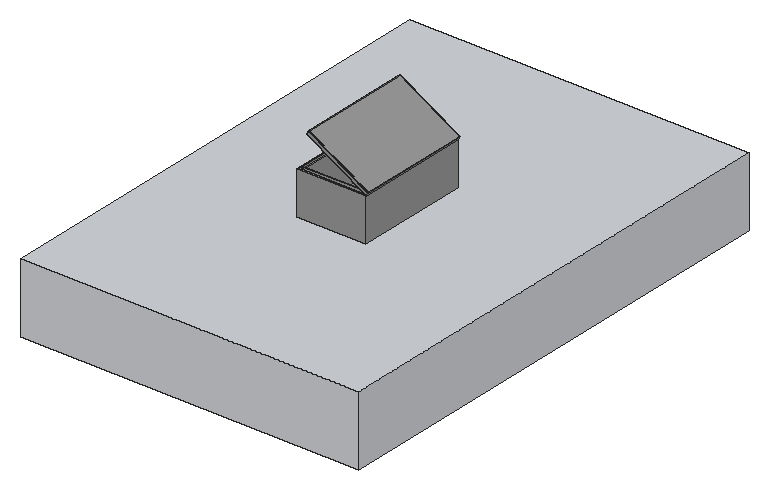
Revit family "Hager-Univers-IP44-D205-Cl.I-enclosure_metering-CH-en", category Equipement électrique, Revit 2020
Family settings
  Hôte = Face
  Configuration du panneau = Deux colonnes, circuits au sein
  Cote de connecteur circulaire = Utiliser le diamètre
  Type d'élément = Tableau de raccordement
  Couper avec des vides une fois chargée = Non
  Partagée = Non
  Point de calcul de pièce = Non
Parameters (values of type "Surface mounted (plaster) IP44 W300 H500 D205  - ZB011T")
  Width Control [instance] = if([EF000008 - Width] > Min Width, [EF000008 - Width], Min Width)  # 300 mm
  Commentaires du type = [HG000003 - Range]  # "Univers"
  Thickness Door [instance] = if([EF009171 - Material plate thickness door/cover] > 3 mm, 3 mm, [EF009171 - Material plate thickness door/cover])  # 1 mm
  Seal Frame Offset [instance] = 17 mm  # constant formula
  Plinth Visibility [instance] = [HG000027 - Plinth height] > 0 mm  # no
  Model = ""
  Min Width [instance] = 100 mm  # constant formula
  Min Height [instance] = 100 mm  # constant formula
  Min Depth [instance] = (2 * [EF009170 - Material plate thickness cabinet]) + 1 mm  # 3 mm
  Internal Frame Depth [instance] = (Door System Depth * 0.5)  # 9 mm
  Height Control [instance] = if([EF000040 - Height] > Min Height, [EF000040 - Height], Min Height)  # 500 mm
  HG000027 - Plinth height = 0 mm
  HG000026 - Floor standing = no
  HG000024 - Bottom section height = 800 mm
  HG000023 - Double section enclosure = no
  HG000016 - Door 3d visibility [instance] = yes
  HG000015 - Clearance visibility [instance] = no
  HG000014 - Door on the right [instance] = yes
  HG000013 - Door on the left [instance] = not([HG000014 - Door on the right])  # no
  HG000012 - Door swing angle [instance] = 30.00°
  HG000010 - Asymmetric doors = no
  HG000009 - Double swing door = no
  HG000006 - Flush mounted = no
  HG000004 - Manufacturer reference = "ZB011T"
  HG000003 - Range = "Univers"
  HG000002 - With door or cover = yes
  Frame Offset Bottom [instance] = 10 mm  # constant formula
  Frame Offset [instance] = 15 mm  # constant formula
  EF015940 - Cover with overpressure release = no
  EF011959 - Degree of protection (NEMA) = ""
  EF009554 - Number of openings for flange plates = 0
  EF009212 - Cover model = "EV000116 - Closed"
  EF009171 - Material plate thickness door/cover = 1 mm
  EF009170 - Material plate thickness cabinet = 1 mm
  Fabricant = "Hager"  # constant formula
  EF008873 - Nominal current (In) = 250 A
  EF007800 - Suitable for lightning protection = no
  EF006306 - With lock = no
  EF006244 - Transparent cover/door = no
  EF005474 - Degree of protection (IP) = "EV006418 - IP44"
  EF004464 - Type of door = "EV002646 - Single"
  EF004427 - Number of modules = 48
  EF004293 - Impact strength = "EV006815 - IK09"
  EF003532 - Suitable for outdoor use = no
  EF002950 - Width in number of modular spacings = 0
  EF001613 - Circuit integrity = "EV000494 - None"
  EF001596 - Material housing = "EV000179 - Steel"
  EF001131 - Internal depth = 0 mm
  EF001088 - Extension possible = yes
  EF000437 - Number of conduit inlets = 0
  EF000339 - Type of cover = "EV004216 - Door"
  EF000266 - Number of rows = 4
  EF000218 - Built-in depth = 0 mm
  EF000118 - With mounting plate = no
  EF000116 - RAL-number = "9010"
  EF000049 - Depth = 205 mm
  EF000040 - Height = 500 mm
  EF000008 - Width = 300 mm
  EF000007 - Colour = "EV000202 - White"
  EF000003 - Mounting method = "EV000384 - Surface mounted (plaster)"
  Door System Leaf Tolerance [instance] = 1.5 mm  # constant formula
  Door System Depth [instance] = 18 mm  # constant formula
  Door Height [instance] = Height Control - [HG000027 - Plinth height]  # 500 mm
  Depth Control [instance] = if([EF000049 - Depth] > Min Depth, [EF000049 - Depth], Min Depth)  # 205 mm
  Default Elevation = 0 mm
  Connector Offset [instance] = Height Control / 2  # 250 mm
  Bottom Top Plate Trim [instance] = 1.5 mm  # constant formula
  Plinth height Ctrl [instance] = if([HG000027 - Plinth height] > 0 mm, [HG000027 - Plinth height], 12 mm)  # 12 mm
Types (3, lengths in mm): name | Width Control | HG000004 - Manufacturer reference | EF004464 - Type of door | EF004427 - Number of modules | EF000266 - Number of rows | EF000008 - Width
  Surface mounted (plaster) IP44 W1050 H500 D205  - ZB014T | 1050 | "ZB014T" | "EV003602 - Double" | 144 | 0 | 1050
  Surface mounted (plaster) IP44 W1300 H500 D205  - ZB015T | 1300 | "ZB015T" | "EV003602 - Double" | 180 | 0 | 1300
  Surface mounted (plaster) IP44 W300 H500 D205  - ZB011T | 300 | "ZB011T" | "EV002646 - Single" | 48 | 4 | 300
Reference planes
  plane 1 "Center (Front/Back)": y = 0
  plane 2: z = 0
  plane 3 "Center (Left/Right)": x = 0
  plane 4: z = 205
  plane 5: y = 1
  plane 6: y = 250
  plane 7: y = 0
  plane 8: y = 500
  plane 9: z = 0
  plane 10: x = -135
  plane 11: x = 135
  plane 12: x = 134
  plane 13: x = -134
  plane 14: y = 499
  plane 15: x = -133
  plane 16: x = -150
  plane 17: x = 133
  plane 18: x = 150
  plane 19: x = 149
  plane 20: x = -149
  plane 21: y = 11
  plane 22: y = 500
  plane 23: y = 484
  plane 24: z = 187
  plane 25: z = 1
  plane 26: z = 186
  plane 27: z = 204
Forms (mm)
  Extrusion 1, solid
    sketch origin (0, 0, 0) x (1, 0, 0) y (0, 1, 0)
      loop
        line (-702.964, 1305) -> (-702.964, -811.445) -> (766.763, -811.445) -> (766.763, 1305) -> (-702.964, 1305)
    from 0 to -304.8
  Extrusion 2, solid, material "Hager_Steel_RAL7035_Light_Grey", visible <- "Plinth Visibility", detail levels medium+fine
    sketch origin (0, 0, 0) x (1, 0, 0) y (0, 1, 0)
      loop
        line (-150, 0) -> (150, 0) -> (150, 12) -> (-150, 12) -> (-150, 0)
    from 0 to 187
  Extrusion 3, solid, material "Hager_Steel_RAL7035_Light_Grey", detail levels medium+fine
    sketch origin (0, 0, 0) x (1, 0, 0) y (0, 1, 0)
      loop
        line (-150, 0) -> (150, 0) -> (150, 500) -> (-150, 500) -> (-150, 0)
    from 0 to 187
  Extrusion 4, void
    sketch origin (0, 0, 0) x (1, 0, 0) y (0, 1, 0)
      loop
        line (-149, 1) -> (149, 1) -> (149, 499) -> (-149, 499) -> (-149, 1)
    from 1 to 186
  Extrusion 5, void
    sketch origin (-381.607, -4572, 187) x (0, -1, 0) y (-1, 0, 0)
      loop
        line (-4583, -247.607) -> (-5056, -247.607) -> (-5056, -515.607) -> (-4583, -515.607) -> (-4583, -247.607)
    from 0 to 1 <- "EF009170 - Material plate thickness cabinet"
  Extrusion 6, solid, material "Hager_Steel_RAL7035_Light_Grey", detail levels fine
    sketch origin (0, 0, 187) x (1, 0, 0) y (0, 1, 0)
      loop
        line (-134, 484) -> (-134, 11) -> (134, 11) -> (134, 484) -> (-134, 484)
      loop
        line (-135, 10) -> (135, 10) -> (135, 485) -> (-135, 485) -> (-135, 10)
    from 0 to 9 <- "Internal Frame Depth"
  Extrusion 7, solid, material "Hager_Steel_RAL7035_Light_Grey", detail levels coarse
    sketch origin (0, 0, 0) x (1, 0, 0) y (0, 1, 0)
      loop
        line (-150, 0) -> (150, 0) -> (150, 500) -> (-150, 500) -> (-150, 0)
    from 0 to 205
  Sweep 8, void
    path in 3D
      loop
        line (-150, 12, 0) -> (150, 12, 0) -> (150, 12, 187) -> (-150, 12, 187) -> (-150, 12, 0)
    profile origin (-150, 12, 93.5) x (-1, 0, 0) y (0, -1, 0)
      loop
        line (0, 0) -> (0, 1.5) -> (-1.5, 1.5)
        arc (-1.5, 1.5) -> (-1.061, 0.439) -> (0, 0) r 1.5
Cuts and joins
  Extrusion 4, Extrusion 5 cuts Extrusion 3
  Sweep 8 cuts Extrusion 2
Lines and regions (mm)
  Masking region 1
    outline origin (0, 0, 0) x (1, 0, 0) y (0, 0, 1)
      loop
        line (-150, 205) -> (-150, 0) -> (150, 0) -> (150, 205) -> (-150, 205)
  Masking region 2, detail levels medium+fine
    outline origin (0, 140, 0) x (0, 1, 0) y (0, 0, 1)
      loop
        line (-140, 0) -> (360, 0) -> (360, 187) -> (-140, 187) -> (-140, 0)
  Masking region 3, not visible, detail levels medium+fine
    outline origin (0, 297.922, 0) x (0, 1, 0) y (0, 0, 1)
      loop
        line (-36.422, 0) -> (3.578, 0) -> (3.578, 194)
        arc (3.578, 194) -> (0.649, 201.071) -> (-6.422, 204) r 10
        line (-6.422, 204) -> (-36.422, 204) -> (-36.422, 0)
  Masking region 4, detail levels coarse
    outline origin (0, 0, 180) x (0, 1, 0) y (0, 0, 1)
      loop
        line (0, -180) -> (500, -180) -> (500, 25) -> (0, 25) -> (0, -180)
  Masking region 5, visible <- "Plinth Visibility", detail levels medium+fine
    outline origin (0, 52.24, 12.345) x (0, 0, -1) y (0, 1, 0)
      loop
        line (10.845, -40.24) -> (-173.155, -40.24)
        arc (-173.155, -40.24) -> (-173.594, -41.301) -> (-174.655, -41.74) r 1.5
        line (-174.655, -41.74) -> (-174.655, -52.24) -> (12.345, -52.24) -> (12.345, -41.74)
        arc (12.345, -41.74) -> (11.285, -41.301) -> (10.845, -40.24) r 1.5
  Masking region 6, detail levels medium+fine
    outline origin (-381.607, -4572, 187) x (-1, 0, 0) y (0, -1, 0)
      loop
        line (-231.607, -5072) -> (-231.607, -4572) -> (-531.607, -4572) -> (-531.607, -5072) -> (-231.607, -5072)
  Masking region 7, visible <- "Plinth Visibility", detail levels medium+fine
    outline origin (-381.607, -4727, 187) x (-1, 0, 0) y (0, -1, 0)
      loop
        arc (-233.107, -4739) -> (-232.668, -4737.939) -> (-231.607, -4737.5) r 1.5
        line (-231.607, -4737.5) -> (-231.607, -4727) -> (-531.607, -4727) -> (-531.607, -4737.5)
        arc (-531.607, -4737.5) -> (-530.546, -4737.939) -> (-530.107, -4739) r 1.5
        line (-530.107, -4739) -> (-233.107, -4739)
  Masking region 8, detail levels coarse
    outline origin (-442.548, -4669.526, 187) x (-1, 0, 0) y (0, -1, 0)
      loop
        line (-292.548, -5169.526) -> (-292.548, -4669.526) -> (-592.548, -4669.526) -> (-592.548, -5169.526) -> (-292.548, -5169.526)
  sketch lines
    curve 1: line (-150, 12, 187) -> (-150, 12, 0)
    curve 2: line (150, 12, 187) -> (-150, 12, 187)
    curve 3: line (150, 12, 187) -> (150, 12, 0)
    curve 4: line (-150, 12, 0) -> (150, 12, 0)
Dimensions and locks
  "Depth Control": plane 4 to Extrusion 1
  "HG000027 - Plinth height": plane 1 "Center (Front/Back)" to plane 7
  "EF009170 - Material plate thickness cabinet": plane 5 to plane 7
  locked: connector elem to plane 3 "Center (Left/Right)"
  equal spacing: plane 8, plane 6, plane 7
  locked: connector elem to plane 6
  "EF009170 - Material plate thickness cabinet": plane 8 to plane 14
  "EF009170 - Material plate thickness cabinet": plane 10 to plane 13
  "EF009170 - Material plate thickness cabinet": plane 12 to plane 11
  "Frame Offset": plane 20 to plane 13
  "Frame Offset": plane 12 to plane 19
  "EF009170 - Material plate thickness cabinet": plane 16 to plane 20
  "EF009170 - Material plate thickness cabinet": plane 19 to plane 18
  "Seal Frame Offset": plane 16 to plane 15
  "Seal Frame Offset": plane 17 to plane 18
  "Frame Offset Bottom": plane 21 to plane 5
  "Frame Offset": plane 14 to plane 23
  equal spacing: plane 16, plane 3 "Center (Left/Right)", plane 18
  "Width Control": plane 16 to plane 18
  "EF009170 - Material plate thickness cabinet": plane 4 to plane 27
  "EF009170 - Material plate thickness cabinet": plane 24 to plane 26
  "EF009170 - Material plate thickness cabinet": plane 25 to level
  "Door System Depth": plane 4 to plane 24
  "Height Control": plane 1 "Center (Front/Back)" to Extrusion 7 sketch curve
  "Height Control": Masking region 4 sketch curve to plane 1 "Center (Front/Back)"
  "Height Control": plane 1 "Center (Front/Back)" to plane 22
  "Bottom Top Plate Trim": profile plane to Sweep 8 sketch curve
  "Bottom Top Plate Trim": Sweep 8 sketch curve to profile plane
  "Plinth height Ctrl": plane 1 "Center (Front/Back)" to Extrusion 2 sketch curve
  "Plinth height Ctrl": Masking region 5 sketch curve to plane 1 "Center (Front/Back)"
  "Plinth height Ctrl": plane 1 "Center (Front/Back)" to Masking region 7 sketch curve
  "Thickness Door": Extrusion 6 sketch curve to Extrusion 6 sketch curve  (x3)
  "Thickness Door": cut or joined group of Extrusion 3, Extrusion 4, Extrusion 5 to Extrusion 6 sketch curve
  radius of Masking region 3 sketch curve = 10 mm
  "Bottom Top Plate Trim": radius of Masking region 5 sketch curve  (x2)
  "Bottom Top Plate Trim": radius of Sweep 8 sketch curve
  "Bottom Top Plate Trim": radius of Masking region 7 sketch curve  (x2)
  aligned and locked: plane 2 to Extrusion 1
  aligned and locked: level to Extrusion 1
  aligned and locked: level to Masking region 1 sketch curve
  aligned and locked: Masking region 1 sketch curve to plane 18
  aligned and locked: Masking region 1 sketch curve to plane 16
  aligned and locked: plane 7 to Masking region 2 sketch curve
  aligned and locked: level to Masking region 3 sketch curve
  aligned and locked: Masking region 3 sketch curve to plane 27
  aligned and locked: level to Masking region 2 sketch curve
  aligned and locked: plane 1 "Center (Front/Back)" to Extrusion 2 sketch curve
  aligned and locked: Extrusion 3 sketch curve to plane 7
  aligned and locked: plane 16 to Extrusion 3 sketch curve
  aligned and locked: plane 18 to Extrusion 3 sketch curve
  aligned and locked: plane 20 to Extrusion 4 sketch curve
  aligned and locked: plane 19 to Extrusion 4 sketch curve
  aligned and locked: Extrusion 4 sketch curve to plane 5
  aligned and locked: Extrusion 4 to plane 25
  aligned and locked: plane 26 to Extrusion 4
  aligned and locked: plane 24 to Extrusion 3
  aligned and locked: plane 21 to Extrusion 5 sketch curve
  aligned and locked: Extrusion 5 sketch curve to plane 13
  aligned and locked: Extrusion 5 sketch curve to plane 12
  aligned and locked: plane 18 to Extrusion 7 sketch curve
  aligned and locked: plane 1 "Center (Front/Back)" to Extrusion 7 sketch curve
  aligned and locked: plane 16 to Extrusion 7 sketch curve
  aligned and locked: plane 4 to Extrusion 7
  aligned and locked: Extrusion 7 to level
  aligned and locked: level to Masking region 4 sketch curve
  aligned and locked: Masking region 4 sketch curve to plane 1 "Center (Front/Back)"
  aligned and locked: Masking region 4 sketch curve to plane 4
  aligned and locked: nested 1 to level
  aligned and locked: nested 1 to plane 16
  aligned and locked: plane 8 to Extrusion 3 sketch curve
  aligned and locked: plane 23 to Extrusion 5 sketch curve
  aligned and locked: plane 14 to Extrusion 4 sketch curve
  aligned and locked: Masking region 2 sketch curve to plane 8
  aligned and locked: level to Masking region 5 sketch curve
  aligned and locked: plane 16 to Extrusion 2 sketch curve
  aligned and locked: plane 18 to Extrusion 2 sketch curve
  aligned and locked: Masking region 5 sketch curve to plane 24
  aligned and locked: Masking region 2 sketch curve to plane 24
  aligned and locked: plane 24 to Extrusion 2
  aligned and locked: profile plane to Sweep 8 sketch curve  (x2)
  aligned and locked: Masking region 6 sketch curve to plane 18
  aligned and locked: Masking region 6 sketch curve to plane 22
  aligned and locked: Masking region 6 sketch curve to plane 16
  aligned and locked: plane 8 to plane 22
  aligned and locked: plane 7 to Masking region 6 sketch curve
  aligned and locked: Masking region 7 sketch curve to plane 16
  aligned and locked: Masking region 7 sketch curve to plane 1 "Center (Front/Back)"
  aligned and locked: Masking region 7 sketch curve to plane 18
  aligned and locked: Masking region 8 sketch curve to plane 1 "Center (Front/Back)"
  aligned and locked: Masking region 8 sketch curve to plane 18
  aligned and locked: Masking region 8 sketch curve to plane 22
  aligned and locked: Masking region 8 sketch curve to plane 16
  aligned and locked: nested 2 to plane 7
  aligned and locked: plane 3 "Center (Left/Right)" to nested 2
  aligned and locked: plane 24 to nested 2
  aligned and locked: Extrusion 6 sketch curve to cut or joined group of Extrusion 3, Extrusion 4, Extrusion 5  (x4)
Automatic sketch dimensions
  Extrusion 1 sketch curve to Extrusion 1 sketch curve = 1469.727 mm
  Extrusion 1 sketch curve to Extrusion 1 sketch curve = 2116.445 mm
  Masking region 1 sketch curve to plane 4 = 0 mm
  plane 6 to Masking region 3 sketch curve = 11.5 mm
  Masking region 3 sketch curve to Masking region 3 sketch curve = 30 mm
  Masking region 5 sketch curve to plane 1 "Center (Front/Back)" = 0 mm
Nested families
  nested 1: "Hager_Enclosure_Symbol" at (-150, 0, 0) x (1, 0, 0) z (0, -1, 0), Height <- "Depth Control", Width <- "Width Control", type "Hager_Enclosure_Symbol"
    with Width_Ctrl 300 mm, Width 300 mm, Height_Ctrl 205 mm, Height 205 mm, A_Width_Int 13.453 mm, A_Width 161.438 mm, A_Height_Ctrl 179.375 mm, A_Height 179.375 mm
  nested 2: "EC000058_Univers_Door" at (0, 0, 187) x (1, 0, 0) z (0, 1, 0), Leaf_Tolerance <- "Door System Leaf Tolerance", Angle <- "HG000012 - Door swing angle", Door_Depth <- "Door System Depth", Door_Left <- "HG000013 - Door on the left", Transparent <- "EF006244 - Transparent cover/door", Assymetrical <- "HG000010 - Asymmetric doors", Width <- "Width Control", Clearance <- "HG000015 - Clearance visibility", Double <- "HG000009 - Double swing door", 3d_Door <- "HG000016 - Door 3d visibility", Lock_Visibility <- "EF006306 - With lock", Width_Ctrl <- "Width Control", Door_Right <- "HG000014 - Door on the right", Door <- "HG000002 - With door or cover", Height <- "Door Height", Thickness <- "Thickness Door", type "EC000058_Univers_Door", detail levels medium+fine
    with min_wh 3 mm, Width_Ctrl 300 mm, Width 300 mm, Transparent no, Thickness 1 mm, Seal_Material Hager_Rubber, Lock_Visibility no, Lock_Material Hager_Plastic_RAL9005_Jet_Black, Leaf_Width 300 mm, Leaf_Tolerance_External_Sides 0 mm, Leaf_Tolerance 1.5 mm, Leaf_Offset 0 mm, Leaf_Height 497 mm, Leaf_2_Width 300 mm, Leaf_2_Offset 150 mm, Leaf_1_Width 300 mm, Leaf_1_Offset 150 mm, Height_Ctrl 500 mm, Height 500 mm, Glass_Material Hager_Glass, Double_Clearance_Ctrl no, Double no, Door_Right_Ctrl yes, Door_Right yes, Door_Material Hager_Steel_RAL7035_Light_Grey, Door_Left_Ctrl no, Door_Left no, Door_Depth 18 mm, Door yes, Clearance_Material Hager_Clearance, Clearance_Depth 300 mm, Clearance_Ctrl no, Clearance no, Assymetrical no, Angle 30.00°, 3d_Door yes
Connectors
  electrical at (0, 250, 0)
    settings: on plane 9, index 1, voltage 0 V, apparent load 0 VA, apparent load phase1 0 VA, apparent load phase2 0 VA, apparent load phase3 0 VA, power factor 1, load classification "Other", number of poles 1, system type 30, power factor state 1, is connector primary yes, connector utility no, sub classification motor no, connector description ""
Definition of nested family "EC000058_Univers_Door"
  Parameters (values of type "EC000058_Univers_Door")
    min_wh [instance] = (2 * Thickness) + 1 mm  # 11 mm
    Width_Ctrl [instance] = 400 mm
    Width [instance] = 500 mm
    Transparent [instance] = yes
    Thickness [instance] = 5 mm
    Seal_Material [instance] = none
    Lock_Visibility [instance] = yes
    Lock_Material [instance] = none
    Leaf_Width [instance] = if((Width_Ctrl - 2 * Leaf_Tolerance_External_Sides) > 0 mm, (Width_Ctrl - 2 * Leaf_Tolerance_External_Sides), min_wh)  # 400 mm
    Leaf_Tolerance_External_Sides [instance] = 0 mm  # constant formula
    Leaf_Tolerance [instance] = 1.5 mm
    Leaf_Offset [instance] = 0 mm  # constant formula
    Leaf_Height [instance] = if((Height_Ctrl - 2 * Leaf_Tolerance) > 0 mm, (Height_Ctrl - 2 * Leaf_Tolerance), min_wh)  # 497 mm
    Leaf_2_Width [instance] = if(and(and(Double, Assymetrical), Door_Left), (Leaf_Width / 3) - (Leaf_Tolerance / 2), if(and(and(Double, Assymetrical), Door_Right), (Leaf_Width / 3) * 2 - (Leaf_Tolerance / 2), if(and(Double, not(Assymetrical)), (Leaf_Width / 2) - Leaf_Tolerance, Leaf_Width)))  # 400 mm
    Leaf_2_Offset [instance] = if(and(Double, Assymetrical), Leaf_2_Width / 2, if(and(Double, not(Assymetrical)), Leaf_Width / 4, Leaf_Width / 2))  # 200 mm
    Leaf_1_Width [instance] = if(and(and(Double, Assymetrical), Door_Right), (Leaf_Width / 3) - (Leaf_Tolerance / 2), if(and(and(Double, Assymetrical), Door_Left), (Width / 3) * 2 - (Leaf_Tolerance / 2), if(and(Double, not(Assymetrical)), (Leaf_Width / 2) - Leaf_Tolerance, Leaf_Width)))  # 400 mm
    Leaf_1_Offset [instance] = if(and(Double, Assymetrical), Leaf_1_Width / 2, if(and(Double, not(Assymetrical)), Leaf_Width / 4, Leaf_Width / 2))  # 200 mm
    Height_Ctrl [instance] = if(Height > min_wh, Height, min_wh)  # 500 mm
    Height [instance] = 500 mm
    Glass_Material [instance] = none
    Double_Clearance_Ctrl [instance] = and(Double, Clearance)  # no
    Double [instance] = no
    Door_Right_Ctrl [instance] = and(or(Door_Right, Double), Door)  # yes
    Door_Right [instance] = yes
    Door_Material [instance] = none
    Door_Left_Ctrl [instance] = and(or(Door_Left, Double), Door)  # no
    Door_Left [instance] = no
    Door_Depth [instance] = 30 mm
    Door [instance] = yes
    Default Elevation = 1219.2 mm
    Clearance_Material [instance] = none
    Clearance_Depth [instance] = if(Leaf_1_Width > Leaf_2_Width, Leaf_1_Width, Leaf_2_Width)  # 400 mm
    Clearance_Ctrl [instance] = and(not(Double), Clearance)  # yes
    Clearance [instance] = yes
    Assymetrical [instance] = yes
    Angle [instance] = 30.00°
    3d_Door [instance] = yes
  Reference planes
    plane 1 "Center (Front/Back)": y = 0
    plane 2 "Bottom": z = 0
    plane 3 "Center (Left/Right)": x = 0
    plane 4: z = 500
    plane 5: x = -200
    plane 6: x = 200
    plane 7: z = 500
    plane 8: x = -200
    plane 9: z = 0
    plane 10: x = 200
    plane 11: y = 0
    plane 12: z = 1.5
    plane 13: x = -600
    plane 14: y = -400
    plane 15: x = 600
    plane 16: x = 0
    plane 17: x = 0
    plane 18: x = -200
    plane 19: x = 200
    plane 20: z = 498.5
  Forms (mm)
    Extrusion 1, solid, material <- "Clearance_Material", visible <- "Double_Clearance_Ctrl"
      sketch origin (1200, 0, 0) x (1, 0, 0) y (0, 0, -1)
        loop
          line (-1800, -498.5) -> (-600, -498.5) -> (-600, 0) -> (-1800, 0) -> (-1800, -498.5)
      from 0 to -400
  Dimensions and locks
    equal spacing: plane 5, plane 3 "Center (Left/Right)", plane 6
    "Width_Ctrl": plane 5 to plane 6
    "Leaf_Offset": plane 5 to plane 8
    "Leaf_Offset": plane 6 to plane 10
    "Leaf_Offset": plane 9 to level
    "Leaf_Offset": plane 4 to plane 7
    "Height_Ctrl": plane 4 to level
    "Leaf_Tolerance": plane 12 to plane 9
    locked: plane 11 to plane 1 "Center (Front/Back)"
    "Leaf_1_Offset": plane 18 to plane 16
    "Leaf_2_Offset": plane 17 to plane 19
    "Leaf_1_Width": plane 13 to plane 8
    "Leaf_2_Width": plane 10 to plane 15
    "Clearance_Depth": plane 14 to plane 1 "Center (Front/Back)"
    "Leaf_Tolerance_External_Sides": plane 8 to plane 18
    "Leaf_Tolerance_External_Sides": plane 19 to plane 10
    "Leaf_Tolerance": plane 7 to plane 20
    aligned and locked: level to plane 2 "Bottom"
    aligned and locked: nested 1 to plane 16
    aligned and locked: nested 2 to plane 17
    aligned and locked: Extrusion 1 to plane 13
    aligned and locked: plane 15 to Extrusion 1
    aligned and locked: Extrusion 1 to plane 14
    aligned and locked: plane 12 to nested 1
    aligned and locked: nested 2 to plane 12
    aligned and locked: Extrusion 1 to plane 11
    aligned and locked: plane 20 to Extrusion 1
    aligned and locked: nested 2 to plane 11
    aligned and locked: nested 1 to plane 11
  Automatic sketch dimensions
    Extrusion 1 sketch curve to level = 0 mm
    plane 5 to Extrusion 1 sketch curve = 400 mm
    plane 6 to Extrusion 1 sketch curve = 400 mm
    Extrusion 1 sketch curve to plane 4 = 1.5 mm
  Nested families
    nested 1: "EC000058_Univers_Door_Leaf" at (0, 0, 1.5), Width <- "Leaf_1_Width", visible <- "Door_Left_Ctrl", Leaf_Height <- "Leaf_Height", Angle <- "Angle", 3d_Door <- "3d_Door", Transparent <- "Transparent", Clearance Material <- "Clearance_Material", Clearance <- "Clearance_Ctrl", Door_Material <- "Door_Material", Glass_Material <- "Glass_Material", Door_Depth <- "Door_Depth", Lock_Material <- "Lock_Material", Seal_Material <- "Seal_Material", Lock_Visibility <- "Lock_Visibility", Thickness <- "Thickness", type "EC000058_Univers_Door_Leaf"
      with Width 400 mm, Transparent_Glass_Offset 30 mm, Transparent_Ctrl yes, Transparent yes, Thickness 5 mm, Standard no, Seal_Material none, Seal_D2 8 mm, Seal_D1 1 mm, Offset_Internal_Frame 10 mm, Lock_Width 20 mm, Lock_Visibility_3d yes, Lock_Visibility yes, Lock_Thickness_3 3 mm, Lock_Thickness_2 1 mm, Lock_Thickness_1 3 mm, Lock_Radius_Offset_2 16 mm, Lock_Radius_Offset_1 15 mm, Lock_Radius_2 5 mm, Lock_Radius 6 mm, Lock_Offset 5 mm, Lock_Material none, Lock_Height 80 mm, Lock_Cover_Top_Offset_2d 17 mm, Lock_Cover_Height -65 mm, Leaf_Height 497 mm, Internal_Seal_Thickness 8 mm, Internal_Seal_Depth_2 4.5 mm, Internal_Frame_Depth 25 mm, Glass_Thickness -1 mm, Glass_Offset -2 mm, Glass_Material none, Door_Material none, Door_Depth 30 mm, Clearance Material none, Clearance yes, Angle_Ctrl 30.00°, Angle 30.00°, 3d_Door yes
    nested 2: "EC000058_Univers_Door_Leaf" at (0, 0, 1.5) x (-1, 0, 0) z (0, 0, 1), Width <- "Leaf_2_Width", visible <- "Door_Right_Ctrl", Leaf_Height <- "Leaf_Height", Angle <- "Angle", 3d_Door <- "3d_Door", Transparent <- "Transparent", Clearance Material <- "Clearance_Material", Clearance <- "Clearance_Ctrl", Door_Material <- "Door_Material", Glass_Material <- "Glass_Material", Door_Depth <- "Door_Depth", Lock_Material <- "Lock_Material", Seal_Material <- "Seal_Material", Lock_Visibility <- "Lock_Visibility", Thickness <- "Thickness", type "EC000058_Univers_Door_Leaf"
      with Width 400 mm, Transparent_Glass_Offset 30 mm, Transparent_Ctrl yes, Transparent yes, Thickness 5 mm, Standard no, Seal_Material none, Seal_D2 8 mm, Seal_D1 1 mm, Offset_Internal_Frame 10 mm, Lock_Width 20 mm, Lock_Visibility_3d yes, Lock_Visibility yes, Lock_Thickness_3 3 mm, Lock_Thickness_2 1 mm, Lock_Thickness_1 3 mm, Lock_Radius_Offset_2 16 mm, Lock_Radius_Offset_1 15 mm, Lock_Radius_2 5 mm, Lock_Radius 6 mm, Lock_Offset 5 mm, Lock_Material none, Lock_Height 80 mm, Lock_Cover_Top_Offset_2d 17 mm, Lock_Cover_Height -65 mm, Leaf_Height 497 mm, Internal_Seal_Thickness 8 mm, Internal_Seal_Depth_2 4.5 mm, Internal_Frame_Depth 25 mm, Glass_Thickness -1 mm, Glass_Offset -2 mm, Glass_Material none, Door_Material none, Door_Depth 30 mm, Clearance Material none, Clearance yes, Angle_Ctrl 30.00°, Angle 30.00°, 3d_Door yes
  Definition of nested family "EC000058_Univers_Door_Leaf"
    Parameters (values of type "EC000058_Univers_Door_Leaf")
      Width [instance] = 2000 mm
      Transparent_Glass_Offset [instance] = 30 mm
      Transparent_Ctrl [instance] = and(Transparent, [3d_Door])  # yes
      Transparent [instance] = yes
      Thickness [instance] = 5 mm
      Standard [instance] = and(not(Transparent), [3d_Door])  # no
      Seal_Material [instance] = none
      Seal_D2 [instance] = 8 mm  # constant formula
      Seal_D1 [instance] = 1 mm  # constant formula
      Offset_Internal_Frame [instance] = 10 mm  # constant formula
      Lock_Width [instance] = 20 mm  # constant formula
      Lock_Visibility_3d [instance] = and(Lock_Visibility, [3d_Door])  # yes
      Lock_Visibility [instance] = yes
      Lock_Thickness_3 [instance] = 3 mm  # constant formula
      Lock_Thickness_2 [instance] = 1 mm  # constant formula
      Lock_Thickness_1 [instance] = 3 mm  # constant formula
      Lock_Radius_Offset_2 [instance] = Lock_Radius_Offset_1 + 1 mm  # 16 mm
      Lock_Radius_Offset_1 [instance] = 15 mm  # constant formula
      Lock_Radius_2 [instance] = Lock_Radius - 1 mm  # 5 mm
      Lock_Radius [instance] = 6 mm  # constant formula
      Lock_Offset [instance] = 5 mm  # constant formula
      Lock_Material [instance] = none
      Lock_Height [instance] = 80 mm  # constant formula
      Lock_Cover_Top_Offset_2d [instance] = Lock_Radius_Offset_2 + 1 mm  # 17 mm
      Lock_Cover_Height [instance] = -(Lock_Height - Lock_Radius_Offset_1)  # -65 mm
      Leaf_Height [instance] = 2720.336 mm
      Internal_Seal_Thickness [instance] = 8 mm  # constant formula
      Internal_Seal_Depth_2 [instance] = 4.5 mm  # constant formula
      Internal_Frame_Depth [instance] = if(Door_Depth - Thickness > 5 mm, Door_Depth - Thickness, 5 mm)  # 25 mm
      Glass_Thickness [instance] = if(Thickness > 15 mm, Glass_Offset + 10 mm, -1 mm)  # -1 mm
      Glass_Offset [instance] = if(Thickness > 15 mm, -(Thickness + 10 mm) / 2, -2 mm)  # -2 mm
      Glass_Material [instance] = none
      Door_Material [instance] = none
      Door_Depth [instance] = 30 mm
      Default Elevation = 0 mm
      Clearance Material [instance] = none
      Clearance [instance] = yes
      Angle_Ctrl [instance] = if(Angle > 180.00°, 180.00°, Angle)  # 90.00°
      Angle [instance] = 90.00°
      3d_Door [instance] = yes
    Reference planes
      plane 1 "Center (Front/Back)": y = 0
      plane 2: z = 0
      plane 3 "Center (Left/Right)": x = 0
      plane 4: y = 2000
      plane 5: x = -1000
      plane 6: x = 1000
      plane 7: x = -3000
      plane 8: z = 2720.336
      plane 9: z = 30
      plane 10: z = 2690.336
      plane 11: x = 970
      plane 12: x = -970
      plane 13: y = -3
      plane 14: z = 107.833
      plane 15: y = -5
      plane 16: y = -223.314
      plane 17: x = -1000
      plane 18: z = 1360.168
      plane 19: y = 30
    Forms (mm)
      Extrusion 1, solid, material <- "Clearance Material", visible <- "Clearance"
        sketch origin (0, 0, 0) x (1, 0, 0) y (0, 0, 1)
          loop
            line (-3000, 2720.336) -> (-3000, 0) -> (1000, 0) -> (1000, 2720.336) -> (-3000, 2720.336)
        from 0 to -2000
      Extrusion 2, solid, material <- "Door_Material", visible <- "Standard", detail levels medium+fine
        sketch origin (-1000, 0, 0) x (0, 1, 0) y (-1, 0, 0)
          loop
            line (0, 30) -> (0, 25) -> (2000, 25) -> (2000, 30) -> (0, 30)
        from 0 to 2720.336 <- "Leaf_Height"
      Extrusion 3, solid, material <- "Door_Material", visible <- "Transparent_Ctrl", detail levels medium+fine
        sketch origin (-1000, 0, 0) x (0, 1, 0) y (-1, 0, 0)
          loop
            line (0, 25) -> (2000, 25) -> (2000, 30) -> (0, 30) -> (0, 25)
        from 0 to 2720.336 <- "Leaf_Height"
      Extrusion 4, void
        sketch origin (-1025, 2000, 0) x (0, 1, 0) y (0, 0, -1)
          loop
            line (-30, -2690.336) -> (-30, -30) -> (-1970, -30) -> (-1970, -2690.336) -> (-30, -2690.336)
        from 0 to 5 <- "Thickness"
      Sweep 5, solid, material <- "Seal_Material", visible <- "Transparent_Ctrl", detail levels fine
        path in 3D
          loop
            line (-1025, 30, 30) -> (-1025, 30, 2690.336) -> (-1025, 1970, 2690.336) -> (-1025, 1970, 30) -> (-1025, 30, 30)
        profile origin (-1025, 1000, 30) x (1, 0, 0) y (0, 0, 1)
          loop
            line (0, 0) -> (0, -8) -> (1, -8) -> (1, 0) -> (0, 0)
      Extrusion 6, solid, material <- "Glass_Material", visible <- "Transparent_Ctrl", detail levels medium+fine
        sketch origin (-1030, 0, 0) x (0, 1, 0) y (0, 0, -1)
          loop
            line (1970, -2690.336) -> (1970, -30) -> (30, -30) -> (30, -2690.336) -> (1970, -2690.336)
        from -2 <- "Glass_Offset" to -1 <- "Glass_Thickness"
      Extrusion 7, solid, material <- "Door_Material", visible <- "3d_Door", detail levels medium+fine
        sketch origin (-1025, 2000, 0) x (0, -1, 0) y (0, 0, -1)
          loop
            line (0, -2720.336) -> (2000, -2720.336) -> (2000, 0) -> (0, 0) -> (0, -2720.336)
          loop
            line (1995, -5) -> (5, -5) -> (5, -2715.336) -> (1995, -2715.336) -> (1995, -5)
        from 0 to 25 <- "Internal_Frame_Depth"
      Sweep 8, solid, material <- "Seal_Material", visible <- "Transparent_Ctrl", detail levels fine
        path in 3D
          loop
            line (-1025, 0, 0) -> (-1025, 2000, 0) -> (-1025, 2000, 2720.336) -> (-1025, 0, 2720.336) -> (-1025, 0, 0)
        profile origin (-1025, 0, 1360.168) x (1, 0, 0) y (0, 1, 0)
          loop
            line (0, 10) -> (2.975, 10)
            arc (2.975, 10) -> (4.053, 10.447) -> (4.5, 11.525) r 1.525
            line (4.5, 11.525) -> (4.5, 16.527)
            arc (4.5, 16.527) -> (4.069, 17.569) -> (3.027, 18) r 1.473
            line (3.027, 18) -> (0, 18) -> (0, 10)
      Extrusion 9, solid, material <- "Lock_Material", visible <- "Lock_Visibility_3d", detail levels fine
        sketch origin (-1030, 0, 0) x (0, 1, 0) y (0, 0, -1)
          loop
            arc (1993.5, -1400.168) -> (1994.561, -1399.729) -> (1995, -1398.668) r 1.5
            line (1995, -1398.668) -> (1995, -1320.168) -> (1975, -1320.168) -> (1975, -1398.668)
            arc (1975, -1398.668) -> (1975.439, -1399.729) -> (1976.5, -1400.168) r 1.5
            line (1976.5, -1400.168) -> (1993.5, -1400.168)
        from 3 <- "Lock_Thickness_1" to 0
      Blend 10, solid, material <- "Lock_Material", visible <- "Lock_Visibility_3d", detail levels fine
        base sketch origin (-1033, 0, 0) x (0, 1, 0) y (0, 0, -1)
          loop
            line (1975, -1320.168) -> (1975, -1398.668)
            arc (1975, -1398.668) -> (1975.439, -1399.729) -> (1976.5, -1400.168) r 1.5
            line (1976.5, -1400.168) -> (1993.5, -1400.168)
            arc (1993.5, -1400.168) -> (1994.561, -1399.729) -> (1995, -1398.668) r 1.5
            line (1995, -1398.668) -> (1995, -1320.168) -> (1975, -1320.168)
        top sketch origin (-1033, 0, 0) x (0, 1, 0) y (0, 0, -1)
          loop
            line (1976, -1320.168) -> (1976, -1398.668)
            arc (1976, -1398.668) -> (1976.146, -1399.022) -> (1976.5, -1399.168) r 0.5
            line (1976.5, -1399.168) -> (1993.5, -1399.168)
            arc (1993.5, -1399.168) -> (1993.854, -1399.022) -> (1994, -1398.668) r 0.5
            line (1994, -1398.668) -> (1994, -1320.168) -> (1976, -1320.168)
        from 0 to 1 <- "Lock_Thickness_2"
      Blend 11, solid, material <- "Lock_Material", visible <- "Lock_Visibility_3d", detail levels fine
        base sketch origin (-1034, 0, 0) x (0, 1, 0) y (0, 0, -1)
          loop
            line (1978, -1320.168) -> (1978, -1384.168)
            arc (1978, -1384.168) -> (1985, -1391.168) -> (1992, -1384.168) r 7
            line (1992, -1384.168) -> (1992, -1320.168) -> (1978, -1320.168)
        top sketch origin (-1034, 0, 0) x (0, 1, 0) y (0, 0, -1)
          loop
            line (1991, -1320.168) -> (1979, -1320.168) -> (1979, -1383.168)
            arc (1979, -1383.168) -> (1985, -1389.168) -> (1991, -1383.168) r 6
            line (1991, -1383.168) -> (1991, -1320.168)
        from 0 to 3 <- "Lock_Thickness_3"
      Extrusion 12, solid, material <- "Lock_Material", visible <- "Lock_Visibility_3d", detail levels fine
        sketch origin (-1030, 1975, 1320.168) x (1, 0, 0) y (0, -1, 0)
          loop
            line (-7, -19) -> (-7, -1) -> (0, -1) -> (0, 0) -> (-8, 0) -> (-8, -20) -> (0, -20) -> (0, -19) -> (-7, -19)
        from 0 to -65 <- "Lock_Cover_Height"
      Extrusion 13, void
        sketch origin (-1038, 1995, 1320.168) x (-1, 0, 0) y (0, 0, -1)
          loop
            line (-5, -65) -> (0, -65) -> (-5, -60) -> (-5, -65)
        from 0 to 20 <- "Lock_Width"
      Extrusion 14, void
        sketch origin (-1038, 1975, 1320.168) x (0, -1, 0) y (0, 0, -1)
          loop
            circle (-10, -15.995) r 6
          loop
            circle (-10, -15.995) r 5
        from 0 to 2
      Extrusion 15, solid, material <- "Lock_Material", visible <- "Lock_Visibility_3d", detail levels medium
        sketch origin (-1030, 0, 0) x (0, 1, 0) y (0, 0, -1)
          loop
            arc (1993.5, -1400.168) -> (1994.561, -1399.729) -> (1995, -1398.668) r 1.5
            line (1995, -1398.668) -> (1995, -1320.168) -> (1975, -1320.168) -> (1975, -1398.668)
            arc (1975, -1398.668) -> (1975.439, -1399.729) -> (1976.5, -1400.168) r 1.5
            line (1976.5, -1400.168) -> (1993.5, -1400.168)
        from 8 to 0
    Cuts and joins
      Extrusion 4 cuts Extrusion 3
      Extrusion 13, Extrusion 14 cuts Extrusion 9
      Extrusion 14 cuts Blend 11
      Extrusion 13, Extrusion 14 cuts Extrusion 12
      joined: Extrusion 9, Blend 10, Blend 11, Extrusion 12
      Extrusion 14 cuts Extrusion 15
    Lines and regions (mm)
      Masking region 1, visible <- "Lock_Visibility", detail levels fine
        outline origin (0, 0, 0) x (0, 1, 0) y (0, 0, 1)
          loop
            line (30, 1320.168) -> (33, 1320.168) -> (33, 1400.168) -> (30, 1400.168) -> (30, 1320.168)
      Masking region 2, visible <- "Lock_Visibility", detail levels fine
        outline origin (0, 3.143, 0) x (0, 1, 0) y (0, 0, 1)
          loop
            line (29.857, 1354.168) -> (30.857, 1354.168) -> (30.857, 1366.168) -> (29.857, 1366.168) -> (29.857, 1354.168)
      Masking region 3, detail levels medium+fine
        outline origin (0, 0, 0) x (0, 1, 0) y (0, 0, 1)
          loop
            line (0, 0) -> (30, 0) -> (30, 2720.336) -> (0, 2720.336) -> (0, 0)
      Masking region 4, detail levels medium+fine
        outline origin (0, 0, 0) x (1, 0, 0) y (0, 0, 1)
          loop
            line (-1000, 2720.336) -> (-1000, 0) -> (1000, 0) -> (1000, 2720.336) -> (-1000, 2720.336)
      Masking region 5, visible <- "Lock_Visibility", detail levels fine
        outline origin (-47.116, 0, 0) x (1, 0, 0) y (0, 0, 1)
          loop
            arc (1024.616, 1399.168) -> (1023.556, 1398.729) -> (1023.116, 1397.668) r 1.5
            line (1023.116, 1397.668) -> (1023.116, 1320.168) -> (1041.116, 1320.168) -> (1041.116, 1397.668)
            arc (1041.116, 1397.668) -> (1040.677, 1398.729) -> (1039.616, 1399.168) r 1.5
            line (1039.616, 1399.168) -> (1024.616, 1399.168)
      Masking region 6, visible <- "Lock_Visibility", detail levels medium+fine
        outline origin (-25, 0, 0) x (1, 0, 0) y (0, 0, 1)
          loop
            arc (1001.5, 1400.168) -> (1000.439, 1399.729) -> (1000, 1398.668) r 1.5
            line (1000, 1398.668) -> (1000, 1320.168) -> (1020, 1320.168) -> (1020, 1398.668)
            arc (1020, 1398.668) -> (1019.561, 1399.729) -> (1018.5, 1400.168) r 1.5
            line (1018.5, 1400.168) -> (1001.5, 1400.168)
      Masking region 7, visible <- "Lock_Visibility", detail levels fine
        outline origin (-73.735, 0, 0) x (1, 0, 0) y (0, 0, 1)
          loop
            line (1051.735, 1382.168) -> (1065.735, 1382.168) -> (1065.735, 1384.168)
            arc (1065.735, 1384.168) -> (1058.735, 1391.168) -> (1051.735, 1384.168) r 7
            line (1051.735, 1384.168) -> (1051.735, 1382.168)
      Masking region 8, visible <- "Lock_Visibility", detail levels fine
        outline origin (-73.735, 0, 0) x (1, 0, 0) y (0, 0, 1)
          loop
            line (1052.735, 1382.168) -> (1064.735, 1382.168) -> (1064.735, 1383.168)
            arc (1064.735, 1383.168) -> (1058.735, 1389.168) -> (1052.735, 1383.168) r 6
            line (1052.735, 1383.168) -> (1052.735, 1382.168)
      Masking region 9, visible <- "Lock_Visibility", detail levels fine
        outline origin (-25, 0, 0) x (1, 0, 0) y (0, 0, 1)
          loop
            line (1020, 1320.168) -> (1020, 1382.168) -> (1000, 1382.168) -> (1000, 1320.168) -> (1020, 1320.168)
      Masking region 10, detail levels medium+fine
        outline origin (0, 0, 0) x (1, 0, 0) y (0, 0, 1)
          loop
            circle (985, 1335.144) r 6
      Masking region 11, detail levels fine
        outline origin (0, 0, 0) x (1, 0, 0) y (0, 0, 1)
          loop
            circle (985, 1335.144) r 5
      Masking region 12, visible <- "Lock_Visibility", detail levels fine
        outline origin (0, 12.767, 0) x (0, 1, 0) y (0, 0, 1)
          loop
            line (20.233, 1320.168) -> (21.233, 1320.168) -> (21.233, 1399.168) -> (20.233, 1400.168) -> (20.233, 1320.168)
      Masking region 13, visible <- "Lock_Visibility", detail levels fine
        outline origin (0, 13.767, -10) x (0, 1, 0) y (0, 0, 1)
          loop
            line (20.233, 1330.168) -> (23.233, 1330.168) -> (23.233, 1399.168) -> (20.233, 1402.168) -> (20.233, 1330.168)
      Masking region 14, visible <- "Lock_Visibility", detail levels fine
        outline origin (0, 12.767, -10) x (0, 1, 0) y (0, 0, 1)
          loop
            line (20.233, 1330.168) -> (25.233, 1330.168) -> (25.233, 1399.305) -> (20.233, 1394.305) -> (20.233, 1330.168)
      Masking region 15, visible <- "Lock_Visibility", detail levels medium
        outline origin (0, 0, 0) x (0, 1, 0) y (0, 0, 1)
          loop
            line (30, 1320.168) -> (38, 1320.168) -> (38, 1400.168) -> (30, 1400.168) -> (30, 1320.168)
      Masking region 16, visible <- "Lock_Visibility", detail levels fine
        outline origin (-1000, 0, 0) x (0, 1, 0) y (-1, 0, 0)
          loop
            line (1975, 30) -> (1995, 30) -> (1995, 38) -> (1975, 38) -> (1975, 30)
          loop
            line (1979, 37) -> (1976, 37) -> (1976, 34) -> (1978, 34) -> (1979, 37)
          loop
            line (1994, 37) -> (1991, 37) -> (1992, 34) -> (1994, 34) -> (1994, 37)
      Masking region 17, visible <- "Lock_Visibility", detail levels medium
        outline origin (-1000, 0, 0) x (0, 1, 0) y (-1, 0, 0)
          loop
            line (1975, 30) -> (1995, 30) -> (1995, 38) -> (1975, 38) -> (1975, 30)
      symbolic lines
        curve 1: line (1000, 0, 0) -> (-3000, 0, 0)
        curve 2: arc (1000, 0, 0) -> (-1000, 2000, 0) -> (-3000, 0, 0) r 2000
        curve 4: line (-1030, 0, 0) -> (-1030, 2000, 0)
      reference lines
        curve 3: line (-1000, 0, 0) -> (-1000, 2000, 0)
      symbolic lines, detail levels medium+fine
        curve 5: line (-1030, 2000, 0) -> (-1025, 2000, 0)
        curve 7: line (-1025, 0, 0) -> (-1030, 0, 0)
        curve 8: line (-1025, 0, 0) -> (-1000, 0, 0)
        curve 9: line (-1000, 0, 0) -> (-1000, 2000, 0)
        curve 10: line (-1000, 2000, 0) -> (-1025, 2000, 0)
      symbolic lines, detail levels fine
        curve 6: line (-1025, 2000, 0) -> (-1025, 0, 0)
      sketch lines
        curve 11: line (-1025, 0, 2720.336) -> (-1025, 0, 0)
        curve 12: line (-1025, 2000, 0) -> (-1025, 0, 0)
        curve 13: line (-1025, 2000, 2720.336) -> (-1025, 2000, 0)
        curve 14: line (-1025, 0, 2720.336) -> (-1025, 2000, 2720.336)
        curve 15: line (-1025, 1970, 30) -> (-1025, 30, 30)
        curve 16: line (-1025, 30, 30) -> (-1025, 30, 2690.336)
        curve 17: line (-1025, 1970, 2690.336) -> (-1025, 1970, 30)
        curve 18: line (-1025, 30, 2690.336) -> (-1025, 1970, 2690.336)
      symbolic lines, visible <- "Transparent", detail levels medium+fine
        curve 19: line (-970, 0, 2690.336) -> (970, 0, 2690.336)
        curve 20: line (-970, 0, 30) -> (-970, 0, 2690.336)
        curve 21: line (970, 0, 30) -> (-970, 0, 30)
        curve 22: line (970, 0, 2690.336) -> (970, 0, 30)
    Dimensions and locks
      "Width": plane 1 "Center (Front/Back)" to plane 4
      equal spacing: plane 5, plane 3 "Center (Left/Right)", plane 6
      "Width": plane 5 to plane 6
      "Width": plane 7 to plane 5
      "Leaf_Height": plane 8 to level
      "Width": curve 5 to curve 3
      "Width": curve 3 to curve 3
      plane 8 to plane 10 = 30 mm
      plane 9 to level = 30 mm
      plane 12 to plane 5 = 30 mm
      plane 6 to plane 11 = 30 mm
      Extrusion 1 to Extrusion 4 sketch curve = 30 mm
      "Transparent_Glass_Offset": curve 3 to Extrusion 4 sketch curve
      "Transparent_Glass_Offset": Extrusion 4 sketch curve to cut or joined group of Extrusion 3, Extrusion 4  (x2)
      cut or joined group of Extrusion 3, Extrusion 4 to Extrusion 6 sketch curve = 30 mm
      "Transparent_Glass_Offset": cut or joined group of Extrusion 3, Extrusion 4 to Extrusion 4 sketch curve
      "Thickness": curve 6 to curve 4
      "Thickness": Extrusion 7 sketch curve to Extrusion 7 sketch curve  (x4)
      "Door_Depth": curve 4 to curve 3
      "Offset_Internal_Frame": profile plane to Sweep 8 sketch curve
      "Internal_Seal_Thickness": Sweep 8 sketch curve to Sweep 8 sketch curve
      "Internal_Seal_Depth_2": profile plane to Sweep 8 sketch curve
      "Seal_D1": profile plane to Sweep 5 sketch curve
      "Seal_D2": profile plane to Sweep 5 sketch curve
      "Thickness": Extrusion 2 sketch curve to Extrusion 2 sketch curve
      equal spacing: Extrusion 9 sketch curve, plane 18, Extrusion 9 sketch curve  (x2)
      equal spacing: Masking region 1 sketch curve, plane 18, Masking region 1 sketch curve
      "Lock_Height": Masking region 1 sketch curve to Masking region 1 sketch curve
      "Lock_Radius": Masking region 2 sketch curve to plane 18 to Masking region 2 sketch curve
      Masking region 2 sketch curve to Masking region 1 = 1 mm
      "Door_Depth": plane 19 to plane 1 "Center (Front/Back)"
      "Lock_Thickness_1": Masking region 1 sketch curve to plane 19
      "Lock_Width": Extrusion 9 sketch curve to Extrusion 9 sketch curve
      "Lock_Height": Extrusion 9 sketch curve to Extrusion 9 sketch curve
      "Lock_Offset": cut or joined group of Extrusion 3, Extrusion 4 to Extrusion 9 sketch curve
      equal spacing: plane 8, plane 18, level
      "Lock_Radius_Offset_1": Blend 11 sketch curve to Blend 10
      locked: Blend 10 to Blend 11 sketch curve at 2  (x2)
      locked: var sketch to Blend 11 sketch curve at 1  (x2)
      "Lock_Radius_Offset_2": Blend 11 sketch curve to Blend 10
      locked: Extrusion 12 sketch curve to Extrusion 12 sketch curve at 1  (x3)
      Masking region 6 sketch curve to Masking region 6 sketch curve = 80 mm
      "Lock_Height": Masking region 6 sketch curve to Masking region 6 sketch curve
      "Lock_Width": Masking region 6 sketch curve to Masking region 6 sketch curve
      locked: Masking region 6 to Masking region 5 sketch curve at 1  (x3)
      locked: Masking region 5 to Masking region 7 sketch curve at 2  (x2)
      "Lock_Radius_Offset_1": Masking region 5 to Masking region 7 sketch curve
      "Lock_Radius_Offset_2": Masking region 5 to Masking region 8 sketch curve
      locked: Masking region 7 to Masking region 8 sketch curve at 1  (x2)
      "Lock_Cover_Top_Offset_2d": Masking region 5 to Masking region 9 sketch curve
      equal spacing: Masking region 9, Masking region 10 sketch curve, Masking region 9
      equal spacing: Masking region 9, Masking region 11 sketch curve, Masking region 9
      Extrusion 15 sketch curve to Extrusion 15 sketch curve = 80 mm
      "Lock_Width": Extrusion 15 sketch curve to Extrusion 15 sketch curve
      "Lock_Height": Extrusion 15 sketch curve to Extrusion 15 sketch curve
      equal spacing: Extrusion 15 sketch curve, plane 18, Extrusion 15 sketch curve
      "Lock_Thickness_3": Masking region 13 sketch curve to Masking region 13 sketch curve
      "Lock_Height": Masking region 12 sketch curve to Masking region 12 sketch curve
      locked: Masking region 13 sketch curve to Masking region 1 at 8
      locked: Masking region 14 sketch curve to Masking region 13 at 1
      locked: Masking region 14 sketch curve to Masking region 1 at 10.863
      "Lock_Height": Masking region 15 sketch curve to Masking region 15 sketch curve
      "Lock_Offset": Extrusion 15 sketch curve to cut or joined group of Extrusion 3, Extrusion 4
      "Lock_Offset": plane 6 to Masking region 6 sketch curve
      radius of Sweep 8 sketch curve = 1.525 mm
      radius of Sweep 8 sketch curve = 1.473 mm
      radius of Extrusion 9 sketch curve = 1.5 mm  (x2)
      "Lock_Radius": radius of Extrusion 14 sketch curve
      "Lock_Radius_2": radius of Extrusion 14 sketch curve
      "Lock_Radius": radius of Masking region 10 sketch curve
      "Lock_Radius_2": radius of Masking region 11 sketch curve
      radius of Extrusion 15 sketch curve = 1.5 mm  (x2)
      "Angle_Ctrl": angle plane 1 "Center (Front/Back)" to curve 3
      locked: Masking region 12 sketch curve to Masking region 12 sketch curve (angle 45.00°)
      locked: Masking region 13 sketch curve to Masking region 13 sketch curve (angle 45.00°)
      locked: Masking region 14 sketch curve to Masking region 14 sketch curve (angle 45.00°)
      aligned and locked: level to plane 2
      aligned and locked: Extrusion 1 to curve 1
      aligned and locked: plane 6 to Extrusion 1
      aligned and locked: Extrusion 1 to plane 1 "Center (Front/Back)"
      aligned and locked: plane 4 to Extrusion 1
      aligned and locked: plane 8 to Extrusion 1
      aligned and locked: curve 7 to Extrusion 2 sketch curve
      aligned and locked: curve 5 to Extrusion 2 sketch curve
      aligned and locked: curve 7 to Extrusion 3 sketch curve
      aligned and locked: Extrusion 3 sketch curve to curve 4
      aligned and locked: Extrusion 3 sketch curve to curve 6
      aligned and locked: Extrusion 3 sketch curve to curve 5
      aligned and locked: curve 9 to curve 3
      aligned and locked: Extrusion 7 sketch curve to cut or joined group of Extrusion 3, Extrusion 4  (x4)
      aligned and locked: plane 17 to curve 3
      aligned and locked: plane 1 "Center (Front/Back)" to curve 3
      aligned and locked: plane 17 to plane 5
      aligned and locked: Sweep 8 sketch curve to profile plane
      aligned and locked: Sweep 5 sketch curve to profile plane  (x2)
      aligned and locked: Masking region 1 to Masking region 2 sketch curve
      aligned and locked: plane 19 to Masking region 1 sketch curve
      aligned and locked: plane 1 "Center (Front/Back)" to Masking region 3 sketch curve
      aligned and locked: plane 19 to Masking region 3 sketch curve
      aligned and locked: level to Masking region 3 sketch curve
      aligned and locked: Masking region 3 sketch curve to plane 8
      aligned and locked: plane 17 to Masking region 4 sketch curve
      aligned and locked: level to Masking region 4 sketch curve
      aligned and locked: Masking region 4 sketch curve to plane 8
      aligned and locked: plane 12 to curve 20
      aligned and locked: plane 10 to curve 19
      aligned and locked: plane 11 to curve 22
      aligned and locked: curve 21 to plane 9
      aligned and locked: Extrusion 2 sketch curve to cut or joined group of Extrusion 3, Extrusion 4
      aligned and locked: Blend 10 sketch curve to Extrusion 9  (x4)
      aligned and locked: Extrusion 9 to Blend 10 sketch curve
      aligned and locked: Blend 10 to Blend 11 sketch curve
      aligned and locked: Extrusion 12 sketch curve to Blend 11
      aligned and locked: Extrusion 12 sketch curve to Extrusion 9  (x4)
      aligned and locked: Masking region 5 sketch curve to Masking region 6
      aligned and locked: Masking region 9 sketch curve to Masking region 6  (x3)
      aligned and locked: Masking region 12 sketch curve to Masking region 1
      aligned and locked: Masking region 13 sketch curve to Masking region 1
      aligned and locked: Masking region 12 to Masking region 14
      aligned and locked: Masking region 14 sketch curve to Masking region 1
      aligned and locked: Masking region 15 sketch curve to Masking region 14
      aligned and locked: Masking region 13 sketch curve to Masking region 12
      aligned and locked: Masking region 16 sketch curve to cut or joined group of Extrusion 14, Extrusion 15  (x4)
      aligned and locked: Masking region 16 sketch curve to cut or joined group of Extrusion 9, Blend 10, Blend 11, Extrusion 12, Extrusion 13, Extrusion 14  (x6)
      aligned and locked: cut or joined group of Extrusion 9, Blend 10, Blend 11, Extrusion 12, Extrusion 13, Extrusion 14 to Masking region 16 sketch curve
      aligned and locked: Masking region 17 sketch curve to cut or joined group of Extrusion 14, Extrusion 15  (x3)
      aligned and locked: Masking region 17 sketch curve to cut or joined group of Extrusion 9, Blend 10, Blend 11, Extrusion 12, Extrusion 13, Extrusion 14
      aligned and locked: Masking region 9 to Masking region 8 sketch curve
      aligned and locked: Masking region 9 to Masking region 7 sketch curve
    Automatic sketch dimensions
      plane 1 "Center (Front/Back)" to curve 2 = 0 mm
      curve 2 to plane 5 = 0 mm
      Extrusion 1 sketch curve to level = 0 mm
      Extrusion 1 sketch curve to plane 7 = 0 mm
      Extrusion 1 sketch curve to plane 6 = 0 mm
      Extrusion 1 sketch curve to plane 8 = 0 mm
      Extrusion 3 to Extrusion 6 sketch curve = 30 mm  (x4)
      Masking region 4 sketch curve to plane 6 = 0 mm
      Blend 10 sketch curve to Extrusion 9 = 1.5 mm
      Blend 10 sketch curve to Extrusion 9 = 1 mm
      Extrusion 13 sketch curve to Extrusion 12 = 0 mm  (x2)
      Extrusion 12 to Extrusion 13 sketch curve = 3 mm
      Extrusion 13 sketch curve to Extrusion 12 = 5 mm
      Extrusion 14 sketch curve to Extrusion 14 sketch curve = 0 mm  (x2)
      Extrusion 14 sketch curve to Extrusion 12 = 10 mm
      Extrusion 14 sketch curve to Extrusion 12 = 15.995 mm
      Masking region 5 sketch curve to Masking region 5 sketch curve = 1.5 mm  (x2)
      Masking region 10 sketch curve to plane 18 = 25.024 mm
      Masking region 11 sketch curve to plane 18 = 25.024 mm
      plane 19 to Masking region 14 sketch curve = 3 mm
      Masking region 16 sketch curve to Masking region 16 sketch curve = 3 mm
      curve 4 to curve 3 = 0 mm
      Blend 10 to Blend 11 sketch curve = 0 mm
      Masking region 6 sketch curve to Masking region 6 sketch curve = 1.5 mm  (x2)
      Masking region 6 sketch curve to plane 18 = 40 mm
      plane 19 to Masking region 12 sketch curve = 3 mm
      Masking region 12 sketch curve to Masking region 12 sketch curve = 1 mm
      Masking region 15 sketch curve to plane 19 = 0 mm
      Masking region 15 sketch curve to plane 18 = 40 mm
      radius of Blend 10 sketch curve to Extrusion 9 = 1 mm
Definition of nested family "Hager_Enclosure_Symbol"
  Parameters (values of type "Hager_Enclosure_Symbol")
    Width_Ctrl [instance] = if(Width > 1 mm, Width, 1 mm)  # 102.27 mm
    Width [instance] = 102.27 mm
    Height_Ctrl [instance] = if(Height > 1 mm, Height, 1 mm)  # 66.5 mm
    A_Width_Int [instance] = if(A_Width / 12 > 2 mm, A_Width / 12, 2 mm)  # 4.364 mm
    A_Width [instance] = if(A_Height_Ctrl * 0.9 > 2 mm, A_Height_Ctrl * 0.9, 2 mm)  # 52.369 mm
    A_Height_Ctrl [instance] = if(A_Height > 2 mm, A_Height, 2 mm)  # 58.188 mm
    Height [instance] = 66.5 mm
    A_Height [instance] = Height - (Height / 8)  # 58.188 mm
  Reference planes
    plane 1 "Centre (avant/arrière)": y = 0
    plane 2: z = 0
    plane 3 "Centre (gauche/droite)": x = 0
    plane 4: x = 52.369
    plane 5: y = 33.042
    plane 6: y = 41.77
    plane 7: y = 66.5
    plane 8: x = 26.184
    plane 9: y = 37.406
    plane 10: x = 102.27
    plane 11: y = 66.5
    plane 12: y = 8.313
  Lines and regions (mm)
    Filled region 1, type "Solid_Black", in view "Niveau de réf."
      outline origin (0, 0, 0) x (1, 0, 0) y (0, 1, 0)
        loop
          line (52.369, 66.5) -> (33.188, 54.536) -> (45.365, 45.006) -> (52.369, 66.5)
    Filled region 2, type "Solid_Black", in view "Niveau de réf."
      outline origin (0, 0, 0) x (1, 0, 0) y (0, 1, 0)
        loop
          line (0, 0) -> (102.27, 0) -> (102.27, 66.5) -> (0, 0)
    detail lines, in view "Niveau de réf."
      curve 1: line (0, 8.313, 0) -> (26.184, 41.77, 0)
      curve 2: line (26.184, 41.77, 0) -> (26.184, 33.042, 0)
      curve 3: line (26.184, 33.042, 0) -> (52.369, 66.5, 0)
  Dimensions and locks
    "A_Width": plane 3 "Centre (gauche/droite)" to plane 4
    equal spacing: plane 3 "Centre (gauche/droite)", plane 8, plane 4
    equal spacing: plane 6, plane 9, plane 5
    equal spacing: curve 3, Filled region 1 sketch curve, Filled region 1 sketch curve
    "Height_Ctrl": plane 1 "Centre (avant/arrière)" to plane 11
    "A_Height_Ctrl": plane 11 to plane 12
    equal spacing: plane 11, plane 9, plane 12
    "A_Width_Int": plane 6 to plane 9
    "Width_Ctrl": plane 3 "Centre (gauche/droite)" to plane 10
    angle Filled region 1 sketch curve to curve 3 = 20.00°
    angle curve 3 to Filled region 1 sketch curve = 20.00°
    locked: curve 3 to Filled region 1 sketch curve (angle 90.00°)
    aligned and locked: plane 10 to Filled region 2
    aligned and locked: plane 11 to Filled region 2 sketch curve
    aligned and locked: plane 10 to Filled region 2 sketch curve
    aligned and locked: plane 3 "Centre (gauche/droite)" to curve 1
    aligned and locked: plane 12 to curve 1
    aligned and locked: plane 7 to plane 11
  Automatic sketch dimensions
    Filled region 1 sketch curve to plane 4 = 0 mm
    Filled region 1 sketch curve to plane 7 = 0 mm
    plane 1 "Centre (avant/arrière)" to Filled region 2 sketch curve = 0 mm
    Filled region 2 sketch curve to plane 3 "Centre (gauche/droite)" = 0 mm
    curve 2 to plane 6 = 0 mm
    curve 2 to plane 8 = 0 mm
    curve 3 to plane 4 = 0 mm
    curve 2 to plane 5 = 0 mm
    curve 3 to plane 7 = 0 mm
